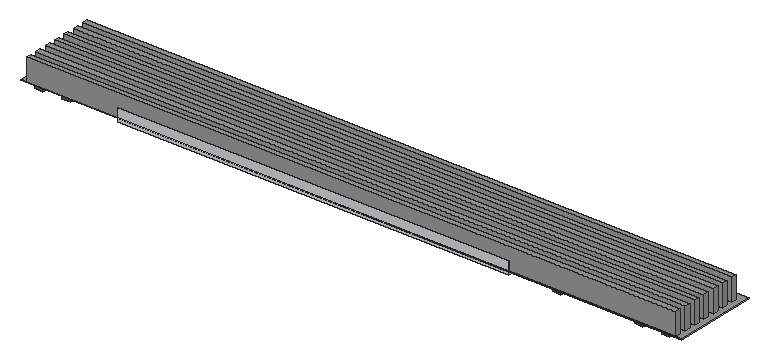
Revit family "1114-7, Solid", category Generic Models, host Face, Revit 2020
Family settings
  Host = Face
  Can host rebar = No
  Round Connector Dimension = Use Diameter
  Part Type = Normal
  Cut with Voids When Loaded = No
  Shared = No
  Room Calculation Point = No
Parameters
  min_value [instance] = 1' - 11 1/4"  # constant formula
  max_value [instance] = 11' - 11 1/4"  # constant formula
  actual_value [instance] = if(NET LENGTH < min_value, min_value, if(NET LENGTH > max_value, max_value, NET LENGTH))  # 7' - 11 1/4"
  SCRIM MATERIAL [instance] = SCRIM
  SCRIM [instance] = yes
  NET LENGTH [instance] = 7' - 11 1/4"
  Default Elevation = 4' - 0"
  BACKER MATERIAL [instance] = BLACK-BACKERS
  .. MEMBER WIDTH [instance] = 0' - 0 3/4"  # constant formula
  .. MEMBER MATERIAL [instance] = Solid Western Hemlock
  .. MEMBER LENGTH [instance] = actual_value  # 7' - 11 1/4"
  .. MEMBER DEPTH [instance] = 0' - 3 1/4"  # constant formula
  .. MEMBER COUNT [instance] = 7  # constant formula
  IMPORTANT NOTE!!!                                                                             *Backer layout is for visualization purposes only, final layout to be determined by 9Wood. [instance] = ""
Reference planes (in)
  plane 1 "Center (Front/Back)": y = 0
  plane 2: z = 1.82209
  plane 3 "Center (Left/Right)": x = 0
Forms (in)
  Extrusion 1, solid
    sketch origin (132, -33.80483, 0) x (1, 0, 0) y (0, 1, 0)
      loop
        line (-118.625, 33.80483) -> (-61.26146, 33.80483) -> (-61.26146, 45.86733) -> (-118.625, 45.86733) -> (-118.625, 33.80483)
    from 1.82209 to 0
Dimensions and locks (in)
  aligned and locked: Extrusion 1 to plane 2
  aligned and locked: plane 3 "Center (Left/Right)" to nested 1
Nested families (in)
  nested 1: "1100 SERIES CONFIG" at (0, 2, 0), .. MEMBER DEPTH <- ".. MEMBER DEPTH", .. MEMBER LENGTH <- ".. MEMBER LENGTH", .. MEMBER WIDTH <- ".. MEMBER WIDTH", .. MEMBER MATERIAL <- ".. MEMBER MATERIAL", BACKING M MATERIAL <- "BACKER MATERIAL", SCRIM  MATERIAL <- "SCRIM MATERIAL", .. MEMBER COUNT <- ".. MEMBER COUNT", SCRIM <- "SCRIM", type "1100 SERIES CONFIG"
    with X 7' - 8", SCRIM OVERHANG 2 0' - 0 3/32", SCRIM OVERHANG 0' - 0 7/8", SCRIM LENGTH 8' - 1", SCRIM  MATERIAL SCRIM, SCRIM yes, NOMINAL LENGTH 7, N 8, Inset 6' - 0 3/8", INSET 0' - 1", INDEX 0' - 5 5/8", HALF MEMBER WIDTH 0' - 0 3/8", HALF LENGTH 3' - 11 5/8", END BACKER yes, BACKING M WIDTH 0' - 1 1/4", BACKING M OC SPACING 1' - 0", BACKING M MATERIAL BLACK-BACKERS, BACKING M LENGTH 0' - 11 7/8", BACKING M DEPTH 0' - 0 1/2", BACKING M COUNT 8, 3/16" INSET 0' - 0 3/16", .. MEMBER WIDTH 0' - 0 3/4", .. MEMBER OC SPACING 0' - 1.71429", .. MEMBER MATERIAL Solid Western Hemlock, .. MEMBER LENGTH 7' - 11 1/4", .. MEMBER DEPTH 0' - 3 1/4", .. MEMBER COUNT 7
Definition of nested family "1100 SERIES CONFIG"
  Parameters (values of type "1100 SERIES CONFIG")
    X [instance] = .. MEMBER LENGTH - 0' 3 1/4"  # 5' - 5"
    SCRIM OVERHANG 2 [instance] = 0' - 0 3/32"  # constant formula
    SCRIM OVERHANG [instance] = 0' - 0 7/8"  # constant formula
    SCRIM LENGTH [instance] = .. MEMBER LENGTH + (SCRIM OVERHANG * 2)  # 5' - 10"
    SCRIM  MATERIAL [instance] = none
    SCRIM [instance] = yes
    NOMINAL LENGTH [instance] = 7
    N [instance] = if((X - (rounddown(X / 1' 0") * 1' 0")) > 1' 0", rounddown(X / 1' 0") + 2, rounddown(X / 1' 0") + 1)  # 6
    Inset [instance] = 6' - 0 3/8"  # constant formula
    INSET [instance] = 0' - 1"  # constant formula
    END BACKER [instance] = INDEX > 0' 3 5/8"  # yes
    INDEX [instance] = (.. MEMBER LENGTH - ((N - 1) * 1' 0")) / 2  # 0' - 4 1/8"
    HALF MEMBER WIDTH [instance] = .. MEMBER WIDTH / 2  # 0' - 0 5/16"
    HALF LENGTH [instance] = .. MEMBER LENGTH / 2  # 2' - 10 1/8"
    Default Elevation = 0' - 0"
    BACKING M WIDTH [instance] = 0' - 1 1/4"
    BACKING M SPACING = 3' - 3"
    BACKING M MATERIAL [instance] = none
    BACKING M LENGTH [instance] = 0' - 11 7/8"
    BACKING M DEPTH [instance] = 0' - 0 1/2"
    BACKING M COUNT [instance] = N  # 6
    BACKING M OC SPACING [instance] = 1' - 0"  # constant formula
    3/16" INSET [instance] = 0' - 0 3/16"  # constant formula
    .. MEMBER WIDTH [instance] = 0' - 0 5/8"
    .. MEMBER OC SPACING [instance] = 1' 0" / .. MEMBER COUNT  # 0' - 4"
    .. MEMBER MATERIAL [instance] = none
    .. MEMBER LENGTH [instance] = 5' - 8 1/4"
    .. MEMBER DEPTH [instance] = 0' - 1 3/8"
    .. MEMBER COUNT [instance] = 3
  Reference planes (in)
    plane 1 "Center (Front/Back)": y = -2
    plane 2: z = 0
    plane 3 "Center (Left/Right)": x = 0
    plane 4: x = 1
    plane 5: x = 4.125
    plane 6: x = 34.125
    plane 7: x = 68.25
    plane 8: x = 67.25
    plane 9: x = 16.125
    plane 10: y = -1.8125
    plane 11: y = -1.6875
    plane 12: y = 2.3125
    plane 13: x = 69.125
    plane 14: x = -0.875
    plane 15: z = 0.5
    plane 16: z = 0.5625
    plane 17: y = 10.0625
    plane 18: y = 10.15625
    plane 19: y = -2.09375
  Dimensions and locks (in)
    "INSET": plane 3 "Center (Left/Right)" to plane 4
    "INDEX": plane 3 "Center (Left/Right)" to plane 5
    "HALF LENGTH": plane 3 "Center (Left/Right)" to plane 6
    ".. MEMBER LENGTH": plane 3 "Center (Left/Right)" to plane 7
    "INSET": plane 8 to plane 7
    equal spacing: group 2, group 3, group 6, group 7, group 8, group 9  (x3)
    "3/16" INSET": plane 1 "Center (Front/Back)" to plane 10
    ".. MEMBER OC SPACING": plane 12 to plane 11
    "SCRIM OVERHANG": plane 14 to plane 3 "Center (Left/Right)"
    "SCRIM OVERHANG": plane 7 to plane 13
    equal spacing: group 1, group 4, group 5  (x2)
    equal spacing: group 5, group 4, group 1
    "HALF MEMBER WIDTH": plane 1 "Center (Front/Back)" to plane 11
    "BACKING M OC SPACING": plane 5 to plane 9
    "SCRIM OVERHANG 2": plane 18 to plane 17
    "SCRIM OVERHANG 2": plane 19 to plane 1 "Center (Front/Back)"
    aligned and locked: level to plane 2
    aligned and locked: plane 6 to nested 1
    aligned and locked: nested 2 to plane 4
    aligned and locked: plane 5 to nested 3
    aligned and locked: plane 1 "Center (Front/Back)" to nested 1
    aligned and locked: nested 2 to plane 10
    aligned and locked: nested 3 to plane 10
    aligned and locked: nested 5 to plane 10
    aligned and locked: nested 4 to plane 10
    aligned and locked: nested 6 to plane 14
    aligned and locked: plane 12 to nested 7
    aligned and locked: nested 7 to plane 3 "Center (Left/Right)"
    aligned and locked: plane 9 to nested 5
    aligned and locked: plane 8 to nested 4
    aligned and locked: plane 15 to nested 2
    aligned and locked: nested 6 to plane 15
    aligned and locked: nested 1 to plane 16
    aligned and locked: nested 7 to plane 16
    aligned and locked: nested 6 to plane 19
  Nested families (in)
    nested 1: "INSTANCE - Parametric Cube" at (34.125, -1.6875, 1.9375), Length <- ".. MEMBER WIDTH", Height <- ".. MEMBER DEPTH", Width <- ".. MEMBER LENGTH", Material <- ".. MEMBER MATERIAL", type "INSTANCE - Parametric Cube"
      with Width 5' - 8 1/4", Material none, Length 0' - 0 5/8", Height 0' - 1 3/8"
    nested 2: "2ND INSTANCE - Parametric Cube" at (1.625, 4.125, 0), Height <- "BACKING M DEPTH", Length <- "BACKING M LENGTH", Width <- "BACKING M WIDTH", Material <- "BACKING M MATERIAL", visible <- "END BACKER", type "2ND INSTANCE - Parametric Cube"
      with Width 0' - 1 1/4", Material none, Length 0' - 11 7/8", Height 0' - 0 1/2"
    nested 3: "2ND INSTANCE - Parametric Cube" at (4.125, 4.125, 0), Length <- "BACKING M LENGTH", Height <- "BACKING M DEPTH", Width <- "BACKING M WIDTH", Material <- "BACKING M MATERIAL", type "2ND INSTANCE - Parametric Cube"
      with Width 0' - 1 1/4", Material none, Length 0' - 11 7/8", Height 0' - 0 1/2"
    nested 4: "2ND INSTANCE - Parametric Cube" at (66.625, 4.125, 0), Width <- "BACKING M WIDTH", Length <- "BACKING M LENGTH", Height <- "BACKING M DEPTH", Material <- "BACKING M MATERIAL", visible <- "END BACKER", type "2ND INSTANCE - Parametric Cube"
      with Width 0' - 1 1/4", Material none, Length 0' - 11 7/8", Height 0' - 0 1/2"
    nested 5: "2ND INSTANCE - Parametric Cube" at (16.125, 4.125, 0), Length <- "BACKING M LENGTH", Height <- "BACKING M DEPTH", Width <- "BACKING M WIDTH", Material <- "BACKING M MATERIAL", type "2ND INSTANCE - Parametric Cube"
      with Width 0' - 1 1/4", Material none, Length 0' - 11 7/8", Height 0' - 0 1/2"
    nested 6: "3RD INSTANCE - Parametric Cube" at (34.125, 4.0445, 0.5), Width <- "SCRIM LENGTH", Material <- "SCRIM  MATERIAL", visible <- "SCRIM", type "3RD INSTANCE - Parametric Cube"
      with Width 5' - 10", Material none, Length 1' - 0.27649", Height 0' - 0 1/16"
    nested 7: "INSTANCE - Parametric Cube" at (34.125, 2.3125, 1.9375), Length <- ".. MEMBER WIDTH", Height <- ".. MEMBER DEPTH", Width <- ".. MEMBER LENGTH", Material <- ".. MEMBER MATERIAL", type "INSTANCE - Parametric Cube"
      with Width 5' - 8 1/4", Material none, Length 0' - 0 5/8", Height 0' - 1 3/8"
    nested 8: "INSTANCE - Parametric Cube" at (34.125, 6.3125, 1.9375), Length <- ".. MEMBER WIDTH", Height <- ".. MEMBER DEPTH", Width <- ".. MEMBER LENGTH", Material <- ".. MEMBER MATERIAL", type "INSTANCE - Parametric Cube"
      with Width 5' - 8 1/4", Material none, Length 0' - 0 5/8", Height 0' - 1 3/8"
    nested 9: "2ND INSTANCE - Parametric Cube" at (28.125, 4.125, 0), Length <- "BACKING M LENGTH", Height <- "BACKING M DEPTH", Width <- "BACKING M WIDTH", Material <- "BACKING M MATERIAL", type "2ND INSTANCE - Parametric Cube"
      with Width 0' - 1 1/4", Material none, Length 0' - 11 7/8", Height 0' - 0 1/2"
    nested 10: "2ND INSTANCE - Parametric Cube" at (40.125, 4.125, 0), Length <- "BACKING M LENGTH", Height <- "BACKING M DEPTH", Width <- "BACKING M WIDTH", Material <- "BACKING M MATERIAL", type "2ND INSTANCE - Parametric Cube"
      with Width 0' - 1 1/4", Material none, Length 0' - 11 7/8", Height 0' - 0 1/2"
    nested 11: "2ND INSTANCE - Parametric Cube" at (52.125, 4.125, 0), Length <- "BACKING M LENGTH", Height <- "BACKING M DEPTH", Width <- "BACKING M WIDTH", Material <- "BACKING M MATERIAL", type "2ND INSTANCE - Parametric Cube"
      with Width 0' - 1 1/4", Material none, Length 0' - 11 7/8", Height 0' - 0 1/2"
    nested 12: "2ND INSTANCE - Parametric Cube" at (64.125, 4.125, 0), Length <- "BACKING M LENGTH", Height <- "BACKING M DEPTH", Width <- "BACKING M WIDTH", Material <- "BACKING M MATERIAL", type "2ND INSTANCE - Parametric Cube"
      with Width 0' - 1 1/4", Material none, Length 0' - 11 7/8", Height 0' - 0 1/2"
  Definition of nested family "INSTANCE - Parametric Cube"
    Parameters (values of type "INSTANCE - Parametric Cube")
      Width [instance] = 0' - 6"
      Material [instance] = none
      Length [instance] = 1' - 0"
      Height [instance] = 1' - 6"
      Default Elevation = 0' - 0"
    Reference planes (in)
      plane 1 "Center (Front/Back)": y = 0
      plane 2: z = 0
      plane 3 "Center (Left/Right)": x = 0
      plane 4: x = -3
      plane 5: x = 3
      plane 6: y = 6
      plane 7: y = -6
      plane 8: z = -18
    Forms (in)
      Extrusion 1, solid, material <- "Material"
        sketch origin (0, 0, 0) x (1, 0, 0) y (0, 1, 0)
          loop
            line (-3, 6) -> (-3, -6) -> (3, -6) -> (3, 6) -> (-3, 6)
        from -18 to 0
    Dimensions and locks (in)
      equal spacing: plane 4, plane 3 "Center (Left/Right)", plane 5
      equal spacing: plane 6, plane 1 "Center (Front/Back)", plane 7
      "Length": plane 6 to plane 7
      "Width": plane 4 to plane 5
      "Height": plane 8 to level
      aligned and locked: plane 2 to level
      aligned and locked: Extrusion 1 sketch curve to plane 6
      aligned and locked: plane 4 to Extrusion 1 sketch curve
      aligned and locked: plane 7 to Extrusion 1 sketch curve
      aligned and locked: Extrusion 1 sketch curve to plane 5
      aligned and locked: Extrusion 1 to plane 8
  Definition of nested family "2ND INSTANCE - Parametric Cube"
    Parameters (values of type "2ND INSTANCE - Parametric Cube")
      Width [instance] = 0' - 6"
      Material [instance] = none
      Length [instance] = 1' - 0"
      Height [instance] = 1' - 6"
      Default Elevation = 0' - 0"
    Reference planes (in)
      plane 1 "Center (Front/Back)": y = 0
      plane 2: z = 0
      plane 3 "Center (Left/Right)": x = 0
      plane 4: x = -3
      plane 5: x = 3
      plane 6: y = 6
      plane 7: y = -6
      plane 8: z = 18
    Forms (in)
      Extrusion 1, solid, material <- "Material"
        sketch origin (0, 0, 0) x (1, 0, 0) y (0, 1, 0)
          loop
            line (-3, 6) -> (-3, -6) -> (3, -6) -> (3, 6) -> (-3, 6)
        from 0 to 18
    Dimensions and locks (in)
      equal spacing: plane 4, plane 3 "Center (Left/Right)", plane 5
      equal spacing: plane 6, plane 1 "Center (Front/Back)", plane 7
      "Length": plane 6 to plane 7
      "Width": plane 4 to plane 5
      "Height": level to plane 8
      aligned and locked: plane 2 to level
      aligned and locked: Extrusion 1 sketch curve to plane 6
      aligned and locked: plane 4 to Extrusion 1 sketch curve
      aligned and locked: plane 7 to Extrusion 1 sketch curve
      aligned and locked: Extrusion 1 sketch curve to plane 5
      aligned and locked: plane 8 to Extrusion 1
      aligned and locked: Extrusion 1 to level
  Definition of nested family "3RD INSTANCE - Parametric Cube"
    Parameters (values of type "3RD INSTANCE - Parametric Cube")
      Width [instance] = 0' - 6"
      Material [instance] = none
      Length [instance] = 1' - 0"
      Height [instance] = 1' - 6"
      Default Elevation = 0' - 0"
    Reference planes (in)
      plane 1 "Center (Front/Back)": y = 0
      plane 2: z = 0
      plane 3 "Center (Left/Right)": x = 0
      plane 4: x = -3
      plane 5: x = 3
      plane 6: y = 6
      plane 7: y = -6
      plane 8: z = 18
    Forms (in)
      Extrusion 1, solid, material <- "Material"
        sketch origin (0, 0, 0) x (1, 0, 0) y (0, 1, 0)
          loop
            line (-3, 6) -> (-3, -6) -> (3, -6) -> (3, 6) -> (-3, 6)
        from 0 to 18
    Dimensions and locks (in)
      equal spacing: plane 4, plane 3 "Center (Left/Right)", plane 5
      equal spacing: plane 6, plane 1 "Center (Front/Back)", plane 7
      "Length": plane 6 to plane 7
      "Width": plane 4 to plane 5
      "Height": level to plane 8
      aligned and locked: plane 2 to level
      aligned and locked: Extrusion 1 sketch curve to plane 6
      aligned and locked: plane 4 to Extrusion 1 sketch curve
      aligned and locked: plane 7 to Extrusion 1 sketch curve
      aligned and locked: Extrusion 1 sketch curve to plane 5
      aligned and locked: plane 8 to Extrusion 1
      aligned and locked: Extrusion 1 to level
